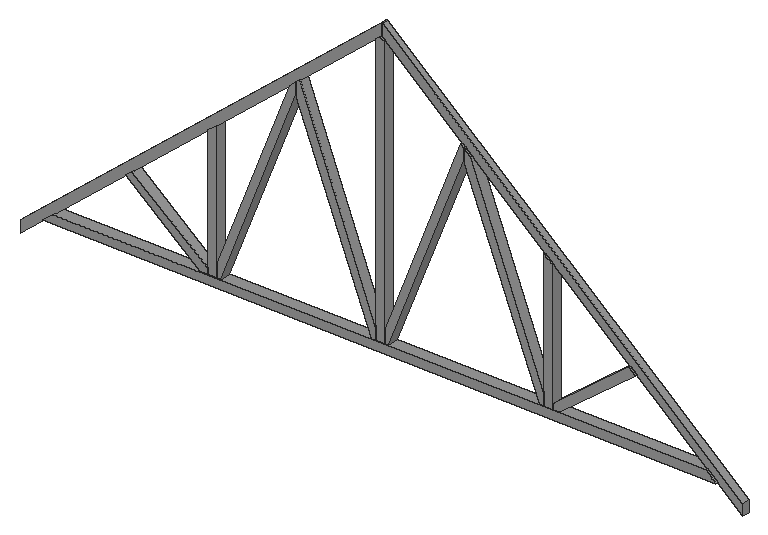
Revit family "TripleFanTruss", category Structural Framing, Revit 2021
Family settings
  Section Shape = Not Defined
  Material for Model Behavior = Wood
  Always export as geometry = No
  OmniClass Number = 23.25.30.21.14
  OmniClass Title = Trussed Beams and Joists
  Work Plane-Based = No
  Always vertical = Yes
  Cut with Voids When Loaded = No
  Symbolic Representation = From Family
  Shared = No
  Show family pre-cut in plan views = Yes
Parameters
  WebWidth [instance] = 120 mm
  WebDepth [instance] = 100 mm
  T_Volume [instance] = 0.00 m³
  TopWidth [instance] = 80 mm
  Structural Material [instance] = Poche
  SpanRight [instance] = 4000 mm
  SpanLeft [instance] = 4000 mm
  Span [instance] = SpanLeft + SpanRight  # 8000 mm
  SlopeRight [instance] = 40.00°
  SlopeLeft [instance] = 40.00°
  OverhangRight [instance] = 300 mm
  OverhangLeft [instance] = 300 mm
  TopDepth [instance] = 100 mm
  BottomWidth [instance] = 150 mm
  BottomDepth [instance] = 100 mm
Reference planes
  plane 1 "Center (Front/Back)": y = 0
  plane 2: z = 0
  plane 3 "Center (Left/Right)": x = 0
  plane 4: x = -4000
  plane 5: x = 4000
  plane 6: x = 4300
  plane 7: x = -4300
  plane 8: z = 100
  plane 9: x = 50
  plane 10: x = -50
  plane 11: x = -1000
  plane 12: x = -3000
  plane 13: x = -2000
  plane 14: x = 1000
  plane 15: x = 3000
  plane 16: x = 2000
  plane 17: x = -1950
  plane 18: x = -2050
  plane 19: x = 2050
  plane 20: x = 1950
Forms (mm)
  Extrusion 1, solid, material "Cherry"
    sketch origin (0, 0, 0) x (1, 0, 0) y (0, 0, 1)
      loop
        line (50, 236.699) -> (50, 100) -> (103.723, 100) -> (1000, 2380.6) -> (1000, 2517.299) -> (959.6, 2551.199) -> (50, 236.699)
    from -60 to 60
  Extrusion 2, solid, material "Cherry"
    sketch origin (0, 0, 0) x (1, 0, 0) y (0, 0, 1)
      loop
        line (-103.723, 100) -> (-50, 100) -> (-50, 236.699) -> (-959.6, 2551.199) -> (-1000, 2517.299) -> (-1000, 2380.6) -> (-103.723, 100)
    from -60 to 60
  Extrusion 3, solid, material "Cherry"
    sketch origin (0, 0, 0) x (1, 0, 0) y (0, 0, 1)
      loop
        line (1896.277, 100) -> (1950, 100) -> (1950, 236.699) -> (1080.155, 2450.041) -> (1000, 2517.299) -> (1000, 2380.6) -> (1896.277, 100)
    from -60 to 60
  Extrusion 4, solid, material "Cherry"
    sketch origin (0, 0, 0) x (1, 0, 0) y (0, 0, 1)
      loop
        line (-1950, 236.699) -> (-1950, 100) -> (-1896.277, 100) -> (-1000, 2380.6) -> (-1000, 2517.299) -> (-1080.155, 2450.041) -> (-1950, 236.699)
    from -60 to 60
  Extrusion 5, solid, material "Cherry"
    sketch origin (0, 0, 0) x (1, 0, 0) y (0, 0, 1)
      loop
        line (-2130.378, 100) -> (-2050, 100) -> (-2050, 163.859) -> (-2951.321, 879.946) -> (-3029.504, 814.343) -> (-2130.378, 100)
    from -60 to 60
  Extrusion 6, solid, material "Cherry"
    sketch origin (0, 0, 0) x (1, 0, 0) y (0, 0, 1)
      loop
        line (2050, 163.35) -> (2050, 100) -> (2131.427, 100) -> (3039.175, 806.228) -> (2960.825, 871.971) -> (2050, 163.35)
    from -60 to 60
  Extrusion 7, solid, material "Cherry"
    sketch origin (0, 0, 0) x (1, 0, 0) y (0, 0, 1)
      loop
        line (1950, 1720.154) -> (1950, 100) -> (2050, 100) -> (2050, 1636.244) -> (1950, 1720.154)
    from -60 to 60
  Extrusion 8, solid, material "Cherry"
    sketch origin (0, 0, 0) x (1, 0, 0) y (0, 0, 1)
      loop
        line (-2050, 1636.244) -> (-2050, 100) -> (-1950, 100) -> (-1950, 1720.154) -> (-2050, 1636.244)
    from -60 to 60
  Extrusion 9, solid, material "Cherry"
    sketch origin (0, 0, 0) x (1, 0, 0) y (0, 0, 1)
      loop
        line (-50, 3314.444) -> (-50, 100) -> (50, 100) -> (50, 3314.444) -> (0, 3356.399) -> (-50, 3314.444)
    from -60 to 60
  Extrusion 10, solid, material "Cherry"
    sketch origin (0, 0, 0) x (1, 0, 0) y (0, 0, 1)
      loop
        line (4000, 0) -> (3880.825, 100) -> (-3880.825, 100) -> (-4000, 0) -> (4000, 0)
    from -75 to 75
  Extrusion 11, solid, material "Cherry"
    sketch origin (0, 0, 0) x (1, 0, 0) y (0, 0, 1)
      loop
        line (4300, -251.73) -> (4300, -121.189) -> (0, 3486.939) -> (0, 3356.399) -> (4300, -251.73)
    from -40 to 40
  Extrusion 12, solid, material "Cherry"
    sketch origin (0, 0, 0) x (1, 0, 0) y (0, 0, 1)
      loop
        line (-4300, -251.73) -> (0, 3356.399) -> (0, 3486.939) -> (-4300, -121.189) -> (-4300, -251.73)
    from -40 to 40
Lines and regions (mm)
  reference lines
    curve 1: line (4000, 0, 0) -> (0, 0, 3356.399)
    curve 2: line (-4000, 0, 0) -> (0, 0, 3356.399)
    curve 3: line (4001.738, 0, 129.083) -> (-8.024, 0, 3493.672)
    curve 4: line (-3996.012, 0, 133.887) -> (-84.65, 0, 3415.91)
    curve 5: line (0, 40, 1939.254) -> (0, 40, -520.746)
    curve 6: line (0, -40, 1939.254) -> (0, -40, -520.746)
    curve 7: line (0, -60, 1939.254) -> (0, -60, -520.746)
    curve 8: line (0, -75, 1939.254) -> (0, -75, -520.746)
    curve 9: line (0, 60, 1939.254) -> (0, 60, -520.746)
    curve 10: line (0, 75, 1939.254) -> (0, 75, -520.746)
    curve 11: line (-2050, 0, 100) -> (-2990.412, 0, 847.145)
    curve 12: line (-1950, 0, 100) -> (-1000, 0, 2517.299)
    curve 13: line (-50, 0, 100) -> (-1000, 0, 2517.299)
    curve 14: line (50, 0, 100) -> (1000, 0, 2517.299)
    curve 15: line (1950, 0, 100) -> (1000, 0, 2517.299)
    curve 16: line (1910.156, 0, 64.685) -> (906.443, 0, 2618.658)
    curve 17: line (1999.352, 0, 111.122) -> (1093.557, 0, 2415.94)
    curve 18: line (6.443, 0, 125.867) -> (906.443, 0, 2415.94)
    curve 19: line (89.844, 0, 64.685) -> (1093.557, 0, 2618.658)
    curve 20: line (-6.443, 0, 125.867) -> (-906.443, 0, 2415.94)
    curve 21: line (-89.844, 0, 64.685) -> (-1093.557, 0, 2618.658)
    curve 22: line (-1993.557, 0, 125.867) -> (-1093.557, 0, 2415.94)
    curve 23: line (-1910.156, 0, 64.685) -> (-906.443, 0, 2618.658)
    curve 24: line (-2035.721, 0, 152.515) -> (-2926.134, 0, 859.935)
    curve 25: line (-2003.093, 0, -1.126) -> (-3054.691, 0, 834.354)
    curve 26: line (2050, 0, 100) -> (3000, 0, 839.1)
    curve 27: line (1995.492, 0, 120.943) -> (2960.825, 0, 871.971)
    curve 28: line (2048.937, 0, 35.823) -> (3039.175, 0, 806.228)
Dimensions and locks
  "SpanLeft": plane 3 "Center (Left/Right)" to plane 5
  "SpanRight": plane 3 "Center (Left/Right)" to plane 4
  "OverhangLeft": plane 5 to plane 6
  "OverhangRight": plane 7 to plane 4
  "BottomDepth": level to plane 8
  "TopDepth": curve 1 to curve 3
  "TopDepth": curve 4 to curve 2
  equal spacing: curve 5, curve 4, curve 6
  "TopWidth": curve 5 to curve 6
  equal spacing: curve 9, curve 4, curve 7
  "WebWidth": curve 9 to curve 7
  equal spacing: curve 10, curve 4, curve 8
  "BottomWidth": curve 10 to curve 8
  plane 5 to plane 3 "Center (Left/Right)" = 4000 mm
  plane 4 to plane 3 "Center (Left/Right)" = 4000 mm
  equal spacing: plane 3 "Center (Left/Right)", plane 11, plane 13, plane 12, plane 4
  equal spacing: plane 3 "Center (Left/Right)", plane 14, plane 16, plane 15, plane 5
  equal spacing: plane 10, plane 3 "Center (Left/Right)", plane 9
  equal spacing: plane 18, plane 13, plane 17
  equal spacing: plane 20, plane 16, plane 19
  "WebDepth": plane 20 to plane 19
  "WebDepth": plane 10 to plane 9
  "WebDepth": plane 18 to plane 17
  equal spacing: curve 16, curve 15, curve 17
  "WebDepth": curve 16 to curve 17
  equal spacing: curve 18, curve 14, curve 19
  "WebDepth": curve 18 to curve 19
  equal spacing: curve 21, curve 13, curve 20
  "WebDepth": curve 21 to curve 20
  equal spacing: curve 22, curve 12, curve 23
  "WebDepth": curve 22 to curve 23
  equal spacing: curve 25, curve 11, curve 24
  "WebDepth": curve 25 to curve 24
  equal spacing: curve 27, curve 26, curve 28
  "WebDepth": curve 27 to curve 28
  "SlopeLeft": angle level to curve 1
  "SlopeRight": angle curve 2 to level
  aligned and locked: plane 2 to level
  aligned and locked: plane 3 "Center (Left/Right)" to curve 2
  aligned and locked: level to curve 2
  aligned and locked: plane 4 to curve 2
  aligned and locked: curve 1 to level
  aligned and locked: curve 18 to Extrusion 1 sketch curve
  aligned and locked: curve 19 to Extrusion 1 sketch curve
  aligned and locked: Extrusion 1 sketch curve to plane 14
  aligned and locked: curve 1 to Extrusion 1 sketch curve
  aligned and locked: plane 9 to Extrusion 1 sketch curve
  aligned and locked: plane 8 to Extrusion 1 sketch curve
  aligned and locked: curve 21 to Extrusion 2 sketch curve
  aligned and locked: curve 20 to Extrusion 2 sketch curve
  aligned and locked: Extrusion 2 sketch curve to plane 10
  aligned and locked: plane 8 to Extrusion 2 sketch curve
  aligned and locked: plane 11 to Extrusion 2 sketch curve
  aligned and locked: curve 2 to Extrusion 2 sketch curve
  aligned and locked: curve 16 to Extrusion 3 sketch curve
  aligned and locked: curve 17 to Extrusion 3 sketch curve
  aligned and locked: Extrusion 3 sketch curve to plane 20
  aligned and locked: plane 8 to Extrusion 3 sketch curve
  aligned and locked: Extrusion 3 sketch curve to plane 14
  aligned and locked: curve 1 to Extrusion 3 sketch curve
  aligned and locked: curve 22 to Extrusion 4 sketch curve
  aligned and locked: curve 23 to Extrusion 4 sketch curve
  aligned and locked: curve 2 to Extrusion 4 sketch curve
  aligned and locked: plane 11 to Extrusion 4 sketch curve
  aligned and locked: plane 17 to Extrusion 4 sketch curve
  aligned and locked: plane 8 to Extrusion 4 sketch curve
  aligned and locked: curve 25 to Extrusion 5 sketch curve
  aligned and locked: curve 24 to Extrusion 5 sketch curve
  aligned and locked: Extrusion 5 sketch curve to plane 18
  aligned and locked: plane 8 to Extrusion 5 sketch curve
  aligned and locked: curve 2 to Extrusion 5 sketch curve
  aligned and locked: curve 27 to Extrusion 6 sketch curve
  aligned and locked: curve 28 to Extrusion 6 sketch curve
  aligned and locked: curve 1 to Extrusion 6 sketch curve
  aligned and locked: plane 19 to Extrusion 6 sketch curve
  aligned and locked: plane 8 to Extrusion 6 sketch curve
  aligned and locked: Extrusion 7 sketch curve to plane 20
  aligned and locked: plane 19 to Extrusion 7 sketch curve
  aligned and locked: curve 1 to Extrusion 7 sketch curve
  aligned and locked: plane 8 to Extrusion 7 sketch curve
  aligned and locked: Extrusion 8 sketch curve to plane 18
  aligned and locked: plane 17 to Extrusion 8 sketch curve
  aligned and locked: curve 2 to Extrusion 8 sketch curve
  aligned and locked: plane 8 to Extrusion 8 sketch curve
  aligned and locked: Extrusion 9 sketch curve to plane 10
  aligned and locked: plane 9 to Extrusion 9 sketch curve
  aligned and locked: curve 2 to Extrusion 9 sketch curve
  aligned and locked: curve 1 to Extrusion 9 sketch curve
  aligned and locked: plane 8 to Extrusion 9 sketch curve
  aligned and locked: curve 9 to Extrusion 5
  aligned and locked: Extrusion 5 to curve 7
  aligned and locked: curve 9 to Extrusion 8
  aligned and locked: Extrusion 8 to curve 7
  aligned and locked: Extrusion 4 to curve 9
  aligned and locked: Extrusion 4 to curve 7
  aligned and locked: Extrusion 2 to curve 9
  aligned and locked: Extrusion 2 to curve 7
  aligned and locked: Extrusion 9 to Extrusion 2  (x2)
  aligned and locked: curve 9 to Extrusion 7
  aligned and locked: Extrusion 7 to curve 7
  aligned and locked: Extrusion 1 to curve 9
  aligned and locked: Extrusion 1 to curve 7
  aligned and locked: Extrusion 3 to curve 9
  aligned and locked: Extrusion 3 to curve 7
  aligned and locked: curve 9 to Extrusion 6
  aligned and locked: Extrusion 6 to curve 7
  aligned and locked: Extrusion 10 sketch curve to level
  aligned and locked: plane 8 to Extrusion 10 sketch curve
  aligned and locked: Extrusion 10 sketch curve to curve 1
  aligned and locked: Extrusion 10 sketch curve to curve 2
  aligned and locked: curve 10 to Extrusion 10
  aligned and locked: Extrusion 10 to curve 8
  aligned and locked: Extrusion 11 sketch curve to curve 1
  aligned and locked: Extrusion 11 sketch curve to curve 3
  aligned and locked: Extrusion 11 sketch curve to plane 6
  aligned and locked: Extrusion 11 sketch curve to plane 3 "Center (Left/Right)"
  aligned and locked: Extrusion 12 sketch curve to curve 2
  aligned and locked: Extrusion 12 sketch curve to curve 4
  aligned and locked: Extrusion 12 sketch curve to plane 3 "Center (Left/Right)"
  aligned and locked: plane 7 to Extrusion 12 sketch curve
  aligned and locked: Extrusion 12 to curve 5
  aligned and locked: Extrusion 12 to curve 6
  aligned and locked: Extrusion 11 to curve 5
  aligned and locked: Extrusion 11 to curve 6
Automatic sketch dimensions
  curve 11 to plane 8 = 0 mm
  curve 11 to plane 18 = 0 mm
  curve 12 to plane 8 = 0 mm
  plane 17 to curve 12 = 0 mm
  plane 11 to curve 13 = 0 mm
  curve 13 to plane 8 = 0 mm
  curve 13 to plane 10 = 0 mm
  curve 14 to plane 8 = 0 mm
  plane 9 to curve 14 = 0 mm
  curve 14 to plane 14 = 0 mm
  curve 15 to plane 8 = 0 mm
  curve 15 to plane 20 = 0 mm
  curve 26 to plane 8 = 0 mm
  plane 19 to curve 26 = 0 mm
  curve 26 to plane 15 = 0 mm
  curve 4 to plane 4 = 3.988 mm
  plane 12 to curve 25 = 54.691 mm
  curve 11 to plane 12 = 9.588 mm
  curve 24 to plane 12 = 73.866 mm
  plane 18 to curve 24 = 14.279 mm
  curve 22 to plane 13 = 6.443 mm
  curve 23 to plane 8 = 35.315 mm
  curve 25 to level = 1.126 mm
  plane 11 to curve 22 = 93.557 mm
  curve 21 to curve 22 = 0 mm
  curve 20 to plane 11 = 93.557 mm
  curve 23 to curve 20 = 0 mm
  curve 21 to plane 8 = 35.315 mm
  curve 4 to plane 10 = 34.65 mm
  curve 3 to plane 3 "Center (Left/Right)" = 8.024 mm
  curve 20 to plane 3 "Center (Left/Right)" = 6.443 mm
  plane 3 "Center (Left/Right)" to curve 18 = 6.443 mm
  curve 19 to plane 8 = 35.315 mm
  curve 16 to plane 14 = 93.557 mm
  curve 16 to curve 18 = 0 mm
  plane 14 to curve 19 = 93.557 mm
  curve 19 to curve 17 = 0 mm
  curve 16 to plane 8 = 35.315 mm
  curve 17 to plane 16 = 0.648 mm
  plane 19 to curve 28 = 1.063 mm
  curve 3 to plane 5 = 1.738 mm
  curve 10 to level = 520.746 mm
  curve 5 to curve 10 = 0 mm
  curve 8 to curve 5 = 0 mm
  curve 8 to curve 6 = 0 mm  (x2)
  curve 8 to curve 7 = 0 mm  (x2)
  curve 9 to curve 10 = 0 mm  (x2)
  plane 8 to curve 6 = 1839.254 mm
  curve 6 to curve 9 = 0 mm
  curve 5 to curve 9 = 0 mm
